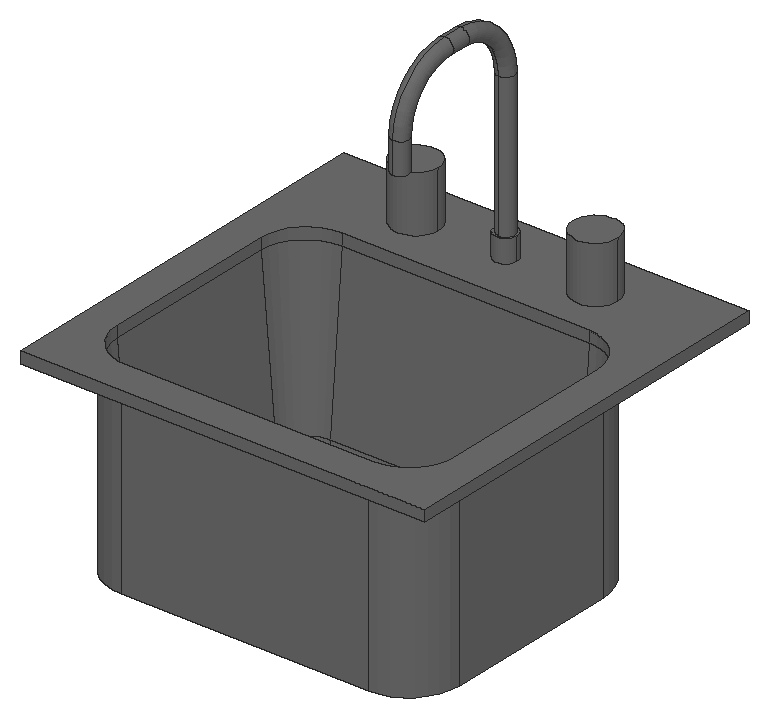
Revit family "1f054448da644e45822bee91c4142aae", category Plumbing Fixtures, Revit 2021
Family settings
  Round Connector Dimension = Use Diameter
  Part Type = Normal
  OmniClass Number = 23.45.05.14.14
  OmniClass Title = Sinks/Lavatories
  Seek Item ID = Sink Kitchen-Island-0000-USA-ENU
  Work Plane-Based = No
  Always vertical = Yes
  Cut with Voids When Loaded = No
  Shared = Yes
  Room Calculation Point = No
Parameters (values of type "18" x 18"")
  Default Elevation = 0' - 0"
  Assembly Code = "D2010410"
  Counter Height = 3' - 0"
  Depth = 1' - 6"
  Faucet Material = Steel, Polished
  Sink Material = Steel, Polished
  Width = 1' - 6"
Reference planes (in)
  plane 1 "Center (Front/Back)": y = 0.09234
  plane 2: z = 0
  plane 3 "Center (Left/Right)": x = 0.61769
  plane 4: y = 9.09234
  plane 5: y = -8.90766
  plane 6: x = -8.38231
  plane 7: x = 9.61769
  plane 8 "Top Of Counter": z = 36
  plane 9: z = 36.5
  plane 10: z = 27.5
  plane 11: y = 4.59234
  plane 12: x = -6.88231
  plane 13: y = -7.40766
  plane 14: x = 8.11769
  plane 15: x = -3.38231
  plane 16: x = 4.61769
  plane 17: y = 6.84234
  plane 18: y = 6.84234
  plane 19: y = 6.84234
  plane 20: z = 46.375
  plane 21: y = 0.96734
  plane 22: z = 39
  plane 23: z = 37.5
Forms (in)
  Extrusion 1, solid, material "Steel, Polished" <- "Sink Material"
    sketch origin (0, 0, 0) x (1, 0, 0) y (0, 1, 0)
      loop
        line (-8.38231, 9.09234) -> (-8.38231, -8.90766) -> (9.61769, -8.90766) -> (9.61769, 9.09234) -> (-8.38231, 9.09234)
      loop
        arc (-4.88231, 4.59234) -> (-6.29653, 4.00655) -> (-6.88231, 2.59234) r 2
        line (-6.88231, 2.59234) -> (-6.88231, -5.40766)
        arc (-6.88231, -5.40766) -> (-6.29653, -6.82187) -> (-4.88231, -7.40766) r 2
        line (-4.88231, -7.40766) -> (6.11769, -7.40766)
        arc (6.11769, -7.40766) -> (7.5319, -6.82187) -> (8.11769, -5.40766) r 2
        line (8.11769, -5.40766) -> (8.11769, 2.59234)
        arc (8.11769, 2.59234) -> (7.5319, 4.00655) -> (6.11769, 4.59234) r 2
        line (6.11769, 4.59234) -> (-4.88231, 4.59234)
    from 36 to 36.5
  Sweep 2, solid, material "Steel, Polished" <- "Sink Material"
    path origin (0, 0, 0) x (1, 0, 0) y (0, 1, 0)
      loop
        arc (-4.88231, 4.59234) -> (-6.29653, 4.00655) -> (-6.88231, 2.59234) r 2
        line (-6.88231, 2.59234) -> (-6.88231, -5.40766)
        arc (-6.88231, -5.40766) -> (-6.29653, -6.82187) -> (-4.88231, -7.40766) r 2
        line (-4.88231, -7.40766) -> (6.11769, -7.40766)
        arc (6.11769, -7.40766) -> (7.5319, -6.82187) -> (8.11769, -5.40766) r 2
        line (8.11769, -5.40766) -> (8.11769, 2.59234)
        arc (8.11769, 2.59234) -> (7.5319, 4.00655) -> (6.11769, 4.59234) r 2
        line (6.11769, 4.59234) -> (-4.88231, 4.59234)
    profile origin (0.61769, 0, 0) x (0, 1, 0) y (0, 0, 1)
      loop
        line (4.59234, 36) -> (3.94139, 28.55963)
        arc (3.94139, 28.55963) -> (3.70094, 28.07204) -> (3.19424, 27.875) r 0.75
        line (3.19424, 27.875) -> (3.09234, 27.875) -> (3.09234, 27.5) -> (4.84234, 27.5) -> (4.84234, 36) -> (4.59234, 36)
  Extrusion 3, solid, material "Steel, Polished" <- "Sink Material"
    sketch origin (0, 0, 0) x (1, 0, 0) y (0, 1, 0)
      loop
        arc (-4.88231, 3.09234) -> (-5.23587, 2.94589) -> (-5.38231, 2.59234) r 0.5
        line (-5.38231, 2.59234) -> (-5.38231, -5.40766)
        arc (-5.38231, -5.40766) -> (-5.23587, -5.76121) -> (-4.88231, -5.90766) r 0.5
        line (-4.88231, -5.90766) -> (6.11769, -5.90766)
        arc (6.11769, -5.90766) -> (6.47124, -5.76121) -> (6.61769, -5.40766) r 0.5
        line (6.61769, -5.40766) -> (6.61769, 2.59234)
        arc (6.61769, 2.59234) -> (6.47124, 2.94589) -> (6.11769, 3.09234) r 0.5
        line (6.11769, 3.09234) -> (-4.88231, 3.09234)
      loop
        circle (0.61769, 0) r 1
    from 27.5 to 27.875
  Extrusion 4, solid, material "Steel, Polished" <- "Faucet Material"
    sketch origin (0, 0, 0) x (1, 0, 0) y (0, 1, 0)
      loop
        circle (-3.38231, 6.84234) r 1
      loop
        circle (4.61769, 6.84234) r 1
    from 36.5 to 39
  Sweep 5, solid, material "Steel, Polished" <- "Faucet Material"
    path origin (0.61769, 0, 0) x (0, 1, 0) y (0, 0, 1)
      loop
        line (6.84234, 36.5) -> (6.84234, 43.875)
        arc (6.84234, 43.875) -> (6.11011, 45.64277) -> (4.34234, 46.375) r 2.5
        line (4.34234, 46.375) -> (3.46734, 46.375)
        arc (3.46734, 46.375) -> (1.69957, 45.64277) -> (0.96734, 43.875) r 2.5
        line (0.96734, 43.875) -> (0.96734, 42.5)
    profile origin (0.61769, 0, 40.1875) x (0, -1, 0) y (1, 0, 0)
      loop
        circle (-6.84234, 0) r 0.375
  Extrusion 6, solid, material "Steel, Polished" <- "Faucet Material"
    sketch origin (0, 0, 0) x (1, 0, 0) y (0, 1, 0)
      loop
        circle (0.61769, 6.84234) r 0.5
    from 36.5 to 37.5
Cuts and joins
  joined: Sweep 5, Extrusion 6
  joined: Extrusion 1, Sweep 2
Lines and regions (in)
  Masking region 1
    outline origin (0, 0, 36) x (0, -1, 0) y (1, 0, 0)
      loop
        line (-9.09234, -8.38231) -> (8.90766, -8.38231) -> (8.90766, 9.61769) -> (-9.09234, 9.61769) -> (-9.09234, -8.38231)
  symbolic lines
    curve 1: arc (1.61769, 0, 36) -> (0.61769, 1, 36) -> (-0.38231, 0, 36) r 1
    curve 2: arc (-0.38231, 0, 36) -> (0.61769, -1, 36) -> (1.61769, 0, 36) r 1
    curve 3: line (-6.88231, 2.59234, 36) -> (-6.88231, -5.40766, 36)
    curve 4: line (-4.88231, -7.40766, 36) -> (6.11769, -7.40766, 36)
    curve 5: line (8.11769, -5.40766, 36) -> (8.11769, 2.59234, 36)
    curve 6: line (6.11769, 4.59234, 36) -> (1.11769, 4.59234, 36)
    curve 7: arc (8.11769, 2.59234, 36) -> (7.5319, 4.00655, 36) -> (6.11769, 4.59234, 36) r 2
    curve 8: arc (6.11769, -7.40766, 36) -> (7.5319, -6.82187, 36) -> (8.11769, -5.40766, 36) r 2
    curve 9: arc (-6.88231, -5.40766, 36) -> (-6.29653, -6.82187, 36) -> (-4.88231, -7.40766, 36) r 2
    curve 10: arc (1.11769, 6.84234, 36) -> (0.61769, 7.34234, 36) -> (0.11769, 6.84234, 36) r 0.5
    curve 11: line (0.11769, 6.84234, 36) -> (0.11769, 2.09234, 36)
    curve 12: line (1.11769, 6.84234, 36) -> (1.11769, 2.09234, 36)
    curve 13: arc (1.11769, 2.09234, 36) -> (0.61769, 1.59234, 36) -> (0.11769, 2.09234, 36) r 0.5
    curve 14: line (0.11769, 4.59234, 36) -> (-4.88231, 4.59234, 36)
    curve 15: arc (-2.38231, 6.84234, 36) -> (-3.38231, 7.84234, 36) -> (-4.38231, 6.84234, 36) r 1
    curve 16: arc (-4.38231, 6.84234, 36) -> (-3.38231, 5.84234, 36) -> (-2.38231, 6.84234, 36) r 1
    curve 17: arc (5.61769, 6.84234, 36) -> (4.61769, 7.84234, 36) -> (3.61769, 6.84234, 36) r 1
    curve 18: arc (3.61769, 6.84234, 36) -> (4.61769, 5.84234, 36) -> (5.61769, 6.84234, 36) r 1
    curve 19: arc (-6.88231, 2.59234, 36) -> (-6.29653, 4.00655, 36) -> (-4.88231, 4.59234, 36) r 2
Dimensions and locks (in)
  equal spacing: plane 6, plane 3 "Center (Left/Right)", plane 7
  "Width": plane 6 to plane 7
  equal spacing: plane 5, plane 1 "Center (Front/Back)", plane 4
  "Depth": plane 5 to plane 4
  "Counter Height": plane 8 "Top Of Counter" to plane 2
  locked: plane 9 to plane 8 "Top Of Counter" at 0.5
  locked: plane 8 "Top Of Counter" to plane 10 at 8.5
  locked: plane 6 to plane 12 at 1.5
  locked: plane 14 to plane 7 at 1.5
  locked: plane 11 to plane 4 at 4.5
  locked: plane 5 to plane 13 at 1.5
  equal spacing: plane 11, plane 17, plane 4
  equal spacing: plane 11, plane 18, plane 4
  equal spacing: plane 4, plane 19, plane 11
  locked: plane 19 to plane 21 at 5.875
  locked: plane 20 to plane 9 at 9.875
  locked: plane 22 to plane 9 at 2.5
  locked: plane 23 to plane 9 at 1
  locked: plane 15 to plane 3 "Center (Left/Right)" at 4
  locked: plane 3 "Center (Left/Right)" to plane 16 at 4
  radius of Extrusion 4 sketch curve = 0' - 1"  (x2)
  aligned and locked: Extrusion 1 sketch curve to plane 5
  aligned and locked: plane 7 to Extrusion 1 sketch curve
  aligned and locked: plane 4 to Extrusion 1 sketch curve
  aligned and locked: Extrusion 1 sketch curve to plane 6
  aligned and locked: plane 8 "Top Of Counter" to Extrusion 1
  aligned and locked: Extrusion 1 to plane 9
  aligned and locked: plane 11 to Extrusion 1 sketch curve
  aligned and locked: plane 14 to Extrusion 1 sketch curve
  aligned and locked: Extrusion 1 sketch curve to plane 12
  aligned and locked: Extrusion 1 sketch curve to plane 13
  aligned and locked: plane 11 to Sweep 2 sketch curve
  aligned and locked: plane 14 to Sweep 2 sketch curve
  aligned and locked: Sweep 2 sketch curve to plane 12
  aligned and locked: Sweep 2 sketch curve to plane 13
  aligned and locked: Sweep 2 to Extrusion 3 sketch curve  (x4)
  aligned and locked: Sweep 2 to Extrusion 3
  aligned and locked: plane 10 to Extrusion 3
  aligned and locked: Sweep 2 sketch curve to plane 10
  aligned and locked: plane 8 "Top Of Counter" to Sweep 2 sketch curve
  aligned and locked: Extrusion 4 to Extrusion 1
  aligned and locked: Extrusion 6 to Extrusion 1
  aligned and locked: Sweep 5 sketch curve to plane 19
  aligned and locked: plane 20 to Sweep 5 sketch curve
  aligned and locked: plane 21 to Sweep 5 sketch curve
  aligned and locked: Extrusion 4 to plane 22
  aligned and locked: Extrusion 6 to plane 23
  aligned and locked: Masking region 1 sketch curve to plane 6
  aligned and locked: plane 4 to Masking region 1 sketch curve
  aligned and locked: plane 7 to Masking region 1 sketch curve
  aligned and locked: Masking region 1 sketch curve to plane 5
  aligned and locked: plane 15 to Extrusion 4 sketch curve
  aligned and locked: plane 17 to Extrusion 4 sketch curve  (x2)
  aligned and locked: plane 16 to Extrusion 4 sketch curve
  aligned and locked: curve 15 to Extrusion 4
  aligned and locked: curve 17 to Extrusion 4
  aligned and locked: curve 19 to cut or joined group of Extrusion 1, Sweep 2
Automatic sketch dimensions
  Sweep 2 sketch curve to plane 12 = 0' - 2"
  Sweep 2 sketch curve to Sweep 2 sketch curve = 0' - 2"
  plane 11 to Sweep 2 sketch curve = 0' - 2"
  plane 14 to Sweep 2 sketch curve = 0' - 2"
  Extrusion 1 sketch curve to plane 12 = 0' - 2"  (x2)
  plane 14 to Extrusion 1 sketch curve = 0' - 2"  (x2)
  Extrusion 3 sketch curve to plane 3 "Center (Left/Right)" = 0' - 0"
  Extrusion 3 sketch curve to Extrusion 3 sketch curve = 0' - 0 1/2"  (x4)
  plane 1 "Center (Front/Back)" to Extrusion 3 sketch curve = 0' - 0.09234"
  Extrusion 3 sketch curve to plane 3 "Center (Left/Right)" = 0' - 1"
  Sweep 2 sketch curve to profile plane = 0' - 0"
  profile plane to Sweep 2 sketch curve = 0' - 0.65095"
  Sweep 2 sketch curve to Sweep 2 sketch curve = 0' - 0.74715"
  Sweep 2 sketch curve to Sweep 2 sketch curve = 0' - 0.10191"
  Sweep 2 sketch curve to profile plane = 0' - 0 1/4"
  Sweep 2 sketch curve to Sweep 2 sketch curve = 0' - 0 3/8"
  Sweep 2 sketch curve to Sweep 2 sketch curve = 0' - 0.68463"
  Sweep 5 sketch curve to plane 3 "Center (Left/Right)" = 0' - 0"
  Sweep 5 sketch curve to profile plane = 0' - 0"
  profile plane to Sweep 5 sketch curve = 0' - 0 3/8"
  Extrusion 6 sketch curve to plane 18 = 0' - 0"
  Extrusion 6 sketch curve to plane 3 "Center (Left/Right)" = 0' - 0"
  Extrusion 6 sketch curve to plane 3 "Center (Left/Right)" = 0' - 0 1/2"
  Sweep 5 sketch curve to plane 9 = 0' - 0"
  Sweep 5 sketch curve to Sweep 5 sketch curve = 0' - 2 1/2"
  plane 11 to Sweep 5 sketch curve = 0' - 0 1/4"
  Sweep 5 sketch curve to Sweep 5 sketch curve = 0' - 1 3/8"
  curve 10 to plane 3 "Center (Left/Right)" = 0' - 0"
  curve 7 to plane 11 = 0' - 0"
  curve 5 to plane 14 = 0' - 0"
  curve 1 to plane 3 "Center (Left/Right)" = 0' - 0"
  curve 4 to plane 13 = 0' - 0"
  plane 4 to curve 10 = 0' - 2 1/4"
  plane 11 to curve 5 = 0' - 2"
  curve 11 to plane 3 "Center (Left/Right)" = 0' - 0 1/2"
  curve 11 to plane 1 "Center (Front/Back)" = 0' - 2"
  plane 1 "Center (Front/Back)" to curve 1 = 0' - 0.09234"
  curve 9 to plane 13 = 0' - 2"
  curve 8 to plane 13 = 0' - 2"
  curve 1 to plane 3 "Center (Left/Right)" = 0' - 1"
